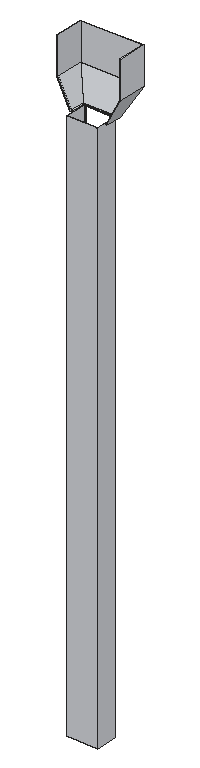
Revit family "077123 - Manufactured Gutters and Downspouts - with leader box", category Generic Models, host Wall, Revit 2019
Family settings
  Host = Wall
  Can host rebar = No
  Round Connector Dimension = Use Diameter
  Part Type = Normal
  Always vertical = Yes
  Cut with Voids When Loaded = No
  Shared = Yes
  Room Calculation Point = No
Parameters
  Width of Leader Box = 1' - 0"
  Top Height [instance] = 10' - 5"
  Material = none
  Leader - projection = 1' - 2"
  Indent in the wall = 0' - 1 1/2"
  Height of Leader Box = 1' - 0"
  Face of Leader Box = 0' - 7"
  Depth = 0' - 4"
  Base Height [instance] = 1' - 8"
Reference planes (in)
  plane 1: y = 0
  plane 2 "Center (Left/Right)": x = 0
  plane 3 "Wall Edge": y = 3
  plane 4: x = -3
  plane 5: x = 3
  plane 6 "Indent in the wall": y = 1.5
  plane 7: y = 5.5
  plane 8: z = 20
  plane 9: z = 125
  plane 10: z = 137
  plane 11: x = 6
  plane 12: x = -6
  plane 13: z = 130
  plane 14: y = 17
Forms (in)
  Extrusion 1, solid, material <- "Material"
    sketch origin (0, 0, 0) x (1, 0, 0) y (0, 1, 0)
      loop
        line (-3, 5.5) -> (-3, 1.5) -> (3, 1.5) -> (3, 5.5) -> (2.5, 5.5) -> (2.5, 5.375) -> (2.875, 5.375) -> (2.875, 1.625) -> (-2.875, 1.625) -> (-2.875, 5.375) -> (-2.5, 5.375) -> (-2.5, 5.5) -> (-3, 5.5)
    from 20 to 125
  Sweep 2, solid, material <- "Material"
    path origin (0, 0, 0) x (1, 0, 0) y (0, 1, 0)
      loop
        line (-3, 1.5) -> (-3, 5.5) -> (3, 5.5) -> (3, 1.5)
    profile origin (-3, 3.5, 0) x (-1, 0, 0) y (0, 0, 1)
      loop
        line (3, 137) -> (2.875, 137) -> (2.875, 130.03005) -> (0.42345, 125.125) -> (0, 125.125) -> (0, 125) -> (0.5, 125) -> (3, 130) -> (3, 137)
  Extrusion 3, void
    sketch origin (-60, 3, 0) x (1, 0, 0) y (0, 0, 1)
      loop
        line (63, 20) -> (63, 125) -> (63.5, 125) -> (66, 129.96158) -> (66, 137) -> (54, 137) -> (54, 130) -> (56.5, 125) -> (57, 125) -> (57, 20) -> (63, 20)
    from 0 to 1.5
Cuts and joins
  Extrusion 3 cuts Sweep 2
Text (in)
  text "Placement Side" at (0, 40.15149, 123.01588), in view "Right"
  text "Placement Side" at (-70.3804, 28.46503, 0), in view "Ref. Level"
  text "Placement Side" at (0, 81.62555, 140.59947), in view "Left"
Dimensions and locks (in)
  locked: plane 3 "Wall Edge" to host wall
  equal spacing: plane 4, plane 2 "Center (Left/Right)", plane 5
  plane 4 to plane 5 = 0' - 6"
  "Indent in the wall": plane 6 "Indent in the wall" to plane 3 "Wall Edge"
  "Depth": plane 7 to plane 6 "Indent in the wall"
  "Top Height": level to plane 9
  "Height of Leader Box": plane 9 to plane 10
  equal spacing: plane 12, plane 2 "Center (Left/Right)", plane 11
  "Width of Leader Box": plane 12 to plane 11
  "Face of Leader Box": plane 13 to plane 10
  "Leader - projection": plane 14 to plane 3 "Wall Edge"
  "Base Height": level to plane 8
  aligned and locked: plane 4 to Extrusion 1 sketch curve
  aligned and locked: Extrusion 1 sketch curve to plane 6 "Indent in the wall"
  aligned and locked: Extrusion 1 sketch curve to plane 5
  aligned and locked: plane 7 to Extrusion 1 sketch curve
  aligned and locked: Extrusion 1 sketch curve to plane 7
  aligned and locked: Extrusion 1 to plane 8
  aligned and locked: Sweep 2 sketch curve to plane 7
  aligned and locked: Sweep 2 sketch curve to plane 4
  aligned and locked: plane 5 to Sweep 2 sketch curve
  aligned and locked: plane 6 "Indent in the wall" to Sweep 2 sketch curve  (x2)
  aligned and locked: Sweep 2 sketch curve to plane 12
  aligned and locked: plane 10 to Sweep 2 sketch curve
  aligned and locked: plane 13 to Sweep 2 sketch curve
  aligned and locked: plane 9 to Sweep 2 sketch curve
  aligned and locked: plane 4 to Sweep 2 sketch curve
  aligned and locked: plane 5 to Extrusion 3 sketch curve
  aligned and locked: Extrusion 3 sketch curve to plane 4
  aligned and locked: plane 8 to Extrusion 3 sketch curve
  aligned and locked: plane 11 to Extrusion 3 sketch curve
  aligned and locked: Extrusion 3 sketch curve to plane 12
  aligned and locked: Extrusion 3 sketch curve to plane 10
  aligned and locked: Extrusion 3 to plane 6 "Indent in the wall"
  aligned and locked: plane 9 to Extrusion 1
Automatic sketch dimensions
  Extrusion 1 sketch curve to plane 4 = 0' - 0 1/8"
  plane 5 to Extrusion 1 sketch curve = 0' - 0 1/8"
  plane 6 "Indent in the wall" to Extrusion 1 sketch curve = 0' - 0 1/8"
  Extrusion 1 sketch curve to plane 7 = 0' - 0 1/8"  (x2)
  Extrusion 1 sketch curve to Extrusion 1 sketch curve = 0' - 0 3/8"  (x2)
  Sweep 2 sketch curve to Sweep 2 sketch curve = 0' - 0.42345"
  Sweep 2 sketch curve to Sweep 2 sketch curve = 0' - 0.07655"
  Sweep 2 sketch curve to Sweep 2 sketch curve = 0' - 0 1/8"  (x2)
  Sweep 2 sketch curve to Sweep 2 sketch curve = 0' - 0.03005"
  Extrusion 3 sketch curve to plane 9 = 0' - 0"  (x2)
  Extrusion 3 sketch curve to plane 13 = 0' - 0"
  plane 4 to Extrusion 3 sketch curve = 0' - 0 1/2"
  Extrusion 3 sketch curve to Extrusion 3 sketch curve = 0' - 0 1/2"
  Extrusion 3 sketch curve to plane 13 = 0' - 0.03842"
